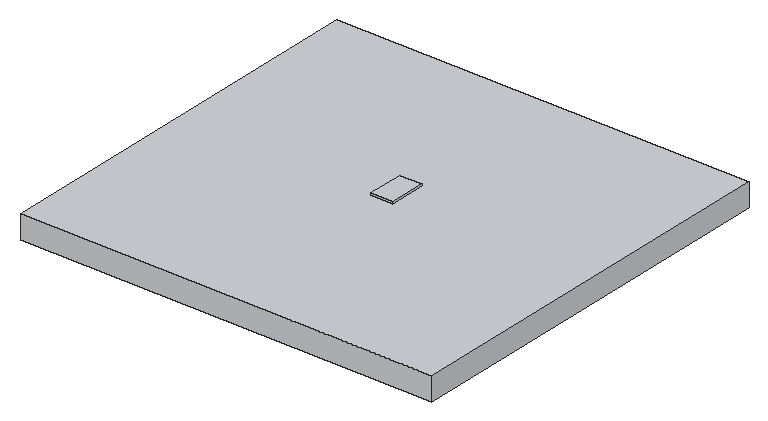
Revit family "M_Tomada de propósito especial", category Iluminação elétrica, Revit 2019
Family settings
  Hospedeiro = Face
  Manter orientação da anotação = Sim
  Cota do conector redondo = Utilizar diâmetro
  Tipo de parte = Normal
  Número OmniClass = 23.80.50.11.17
  Título OmniClass = Ground Fault Receptacles
  ID de item do Seek = Special Purpose Receptacle-0000-CAN-ENU
  Corte com vazios quando carregada = Não
  Compartilhado = Não
  Ponto de cálculo do ambiente = Não
Parameters (values of type "Padrão")
  Voltagem do interruptor = 120 V
  Classificação de carga = Receptáculo
  Carga = 180 VA
  Elevação-padrão = 460 mm
  Assembly Code = ""
Reference planes
  plane 1 "Centro (Frente/Trás)": y = 0
  plane 2: z = 0
  plane 3 "Centro (Esquerda/Direita)": x = 0
  plane 4: x = -34.925
  plane 5: x = 34.925
  plane 6: x = -19.05
  plane 7: x = 19.05
  plane 8: y = 57.15
  plane 9: y = -57.15
  plane 10: y = 38.1
  plane 11: y = -38.1
  plane 12 "nível acima": z = 4.762
  plane 13 "nível abaixo": z = -53.975
Forms (mm)
  Extrusion 1, solid
    sketch origin (0, 0, 0) x (1, 0, 0) y (0, 1, 0)
      loop
        line (-644.525, 571.5) -> (-644.525, -666.75) -> (644.525, -666.75) -> (644.525, 571.5) -> (-644.525, 571.5)
    from 0 to -72.672
  Extrusion 2, solid
    sketch origin (0, 0, 0) x (1, 0, 0) y (0, 1, 0)
      loop
        line (-34.925, 57.15) -> (-34.925, -57.15) -> (34.925, -57.15) -> (34.925, 57.15) -> (-34.925, 57.15)
    from 0 to 4.762
  Extrusion 3, solid
    sketch origin (0, 0, 0) x (1, 0, 0) y (0, 1, 0)
      loop
        line (-19.05, 38.1) -> (-19.05, -38.1) -> (19.05, -38.1) -> (19.05, 38.1) -> (-19.05, 38.1)
    from 0 to -53.975
Lines and regions (mm)
  symbolic lines, detail levels fine
    curve 1: line (34.925, 0, 0) -> (-34.925, 0, 0)
    curve 2: line (34.925, 0, 4.762) -> (34.925, 0, 0)
    curve 3: line (-34.925, 0, 4.762) -> (34.925, 0, 4.762)
    curve 4: line (-34.925, 0, 0) -> (-34.925, 0, 4.762)
    curve 5: line (19.05, 0, -53.975) -> (-19.05, 0, -53.975)
    curve 6: line (19.05, 0, 0) -> (19.05, 0, -53.975)
    curve 7: line (-19.05, 0, -53.975) -> (-19.05, 0, 0)
Dimensions and locks
  equal spacing: plane 6, plane 3 "Centro (Esquerda/Direita)", plane 7, locked at 19.05 each
  locked: plane 6 to plane 7 at 38.1
  equal spacing: plane 4, plane 3 "Centro (Esquerda/Direita)", plane 5, locked at 34.925 each
  locked: plane 4 to plane 5 at 69.85
  locked: plane 8 to plane 9 at 114.3
  locked: plane 12 "nível acima" to level at 4.763
  locked: level to plane 13 "nível abaixo" at 53.975
  locked: plane 10 to plane 11 at 76.2
  equal spacing: plane 10, plane 1 "Centro (Frente/Trás)", plane 11, locked at 38.1 each
  equal spacing: plane 8, plane 1 "Centro (Frente/Trás)", plane 9, locked at 57.15 each
  aligned and locked: plane 2 to Extrusion 1
  aligned and locked: level to Extrusion 1
  aligned and locked: plane 8 to Extrusion 2
  aligned and locked: Extrusion 2 to plane 9
  aligned and locked: plane 5 to Extrusion 2
  aligned and locked: Extrusion 2 to plane 4
  aligned and locked: Extrusion 2 to level
  aligned and locked: plane 12 "nível acima" to Extrusion 2
  aligned and locked: plane 10 to Extrusion 3
  aligned and locked: Extrusion 3 to plane 6
  aligned and locked: plane 7 to Extrusion 3
  aligned and locked: Extrusion 3 to plane 11
  aligned and locked: Extrusion 3 to level
  aligned and locked: Extrusion 3 to plane 13 "nível abaixo"
  aligned and locked: curve 4 to plane 4
  aligned and locked: plane 5 to curve 2
  aligned and locked: curve 3 to plane 12 "nível acima"
  aligned and locked: plane 2 to curve 1
  aligned and locked: curve 7 to plane 6
  aligned and locked: plane 7 to curve 6
  aligned and locked: plane 13 "nível abaixo" to curve 5
  aligned and locked: plane 1 "Centro (Frente/Trás)" to nested 1
  aligned and locked: plane 3 "Centro (Esquerda/Direita)" to nested 1
Automatic sketch dimensions
  Extrusion 2 sketch curve to plane 4 = 0 mm
  Extrusion 2 sketch curve to plane 5 = 0 mm
  Extrusion 2 sketch curve to plane 9 = 0 mm
  Extrusion 2 sketch curve to plane 8 = 0 mm
  Extrusion 3 sketch curve to plane 6 = 0 mm
  Extrusion 3 sketch curve to plane 7 = 0 mm
  Extrusion 3 sketch curve to plane 11 = 0 mm
  Extrusion 3 sketch curve to plane 10 = 0 mm
  Extrusion 1 sketch curve to Extrusion 1 sketch curve = 1289.05 mm
  Extrusion 1 sketch curve to Extrusion 1 sketch curve = 1238.25 mm
Nested families
  nested 1: "M_Anotação de tomada de propósito especial" at (0, 0, 0), type "Anotação de tomada de propósito especial", detail levels coarse+medium
Connectors
  electrical at (0, 38.1, -26.988), driven by "Voltagem do interruptor", driven by "Carga", driven by "Classificação de carga"
    settings: on Extrusion 3, index 1, voltage 120 V, apparent load 0 VA, apparent load phase1 180 VA, apparent load phase2 0 VA, apparent load phase3 0 VA, power factor 1, load classification "Receptáculo", number of poles 1, system type 31, power factor state 1, is connector primary yes, connector utility no, sub classification motor no, connector description ""
Definition of nested family "M_Anotação de tomada de propósito especial"
  Parameters
    Anotação de legenda = ""
  Reference planes
    plane 1: y = 0
    plane 2: x = 0
  Lines and regions (mm)
    reference lines
      curve 1: line (-14.331, 3.175, 0) -> (15.536, 3.175, 0)
      curve 6: line (-0.794, 1.1, 0) -> (-0.794, -1.974, 0)
      curve 7: line (0.794, 1.1, 0) -> (0.794, -2.683, 0)
    detail lines
      curve 2: circle (0, 3.175, 0) r 1.588 normal (0, 0, 1)
      curve 3: line (0, 3.175, 0) -> (0, 1.588, 0)
      curve 4: line (0, 3.175, 0) -> (1.123, 4.298, 0)
      curve 5: line (0, 3.175, 0) -> (-1.123, 4.298, 0)
      curve 8: line (-0.794, 0, 0) -> (0.794, 0, 0)
      curve 9: line (0, 1.588, 0) -> (0, 0, 0)
  Dimensions and locks
    locked: plane 1 to curve 1 at 3.175
    locked: curve 6 to plane 2 at 0.794
    locked: plane 2 to curve 7 at 0.794
    locked: curve 4 to curve 5 (angle 90.00°)
    aligned and locked: curve 1 to curve 2
    aligned and locked: plane 2 to curve 2
    aligned and locked: curve 3 to plane 2
    aligned and locked: curve 6 to curve 8
    aligned and locked: curve 7 to curve 8
    aligned and locked: plane 1 to curve 8
    aligned and locked: curve 9 to plane 2
    aligned and locked: plane 1 to curve 9
